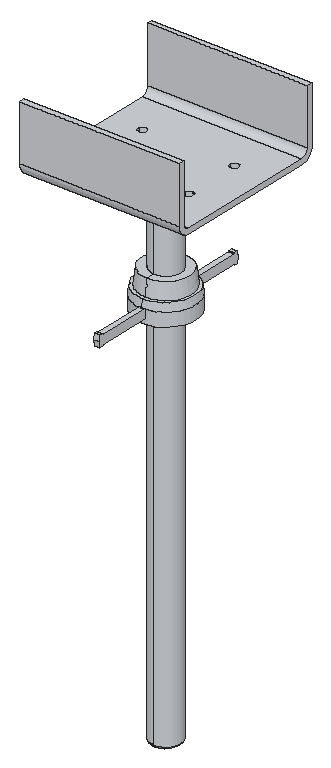
Revit family "U-Head Jack Solid-34mm", category Structural Stiffeners, Revit 2020
Family settings
  Work Plane-Based = No
  Always vertical = Yes
  Cut with Voids When Loaded = No
  Shared = No
Parameters
  U_Head_Material = none
  Lock_Distance [instance] = 225 mm
  Default Elevation = 0 mm
Reference planes
  plane 1 "Center (Front/Back)": y = 0
  plane 2: z = 0
  plane 3 "Center (Left/Right)": x = 0
  plane 4: z = -225
Forms (mm)
  Sweep 1, solid, material <- "U_Head_Material"
    path origin (0, 0, 0) x (1, 0, 0) y (0, 1, 0)
      loop
        line (-92.5, 0) -> (92.5, 0)
    profile origin (0, 0, 0) x (0, 1, 0) y (0, 0, 1)
      loop
        line (-90.059, -65) -> (-90.059, 0) -> (-96.059, 0) -> (-96.059, -65)
        arc (-96.059, -65) -> (-91.959, -74.899) -> (-82.059, -79) r 14
        line (-82.059, -79) -> (81.941, -79)
        arc (81.941, -79) -> (91.84, -74.899) -> (95.941, -65) r 14
        line (95.941, -65) -> (95.941, 0) -> (89.941, 0) -> (89.941, -65)
        arc (89.941, -65) -> (87.597, -70.657) -> (81.941, -73) r 8
        line (81.941, -73) -> (-82.059, -73)
        arc (-82.059, -73) -> (-87.716, -70.657) -> (-90.059, -65) r 8
  Extrusion 2, void
    sketch origin (0, -31.589, -95.044) x (1, 0, 0) y (0, 1, 0)
      loop
        circle (-53.322, 64.53) r 5
      loop
        circle (53.322, 64.53) r 5
      loop
        circle (-53.322, -1.47) r 5
      loop
        circle (53.322, -1.47) r 5
    from 0 to 30.512
  Revolve 3, solid, material <- "U_Head_Material"
    sketch origin (0, 0, 0) x (0, 1, 0) y (0, 0, 1)
      loop
        line (0, -84.097) -> (0, -79) -> (-23.597, -79)
        arc (-23.597, -79) -> (-22.104, -82.604) -> (-18.5, -84.097) r 5.097
        line (-18.5, -84.097) -> (0, -84.097)
      axis (0, -79) -> (0, -84.097)
    angle from 0 to 360
  Revolve 4, solid, material <- "U_Head_Material"
    sketch origin (0, 0, 0) x (0, 1, 0) y (0, 0, 1)
      loop
        line (-29.713, -200) -> (-33.502, -200) -> (-34.731, -209.5) -> (-34.731, -225) -> (-31.731, -225) -> (-31.731, -219.5) -> (-26.231, -219.5) -> (-25.731, -214.5) -> (-17, -214.5) -> (-17, -181.5) -> (-27.731, -181.5) -> (-29.713, -200)
      axis (0, -181.5) -> (0, -225)
    angle from 0 to 360
  Extrusion 5, solid, material <- "U_Head_Material"
    sketch origin (0, 0, 0) x (0, 1, 0) y (0, 0, 1)
      loop
        line (-34.731, -219.5) -> (-34.731, -209.5) -> (-95.731, -209.5) -> (-95.731, -208) -> (-99.548, -208) -> (-100.231, -214.5) -> (-99.548, -221) -> (-95.731, -221) -> (-95.731, -219.5) -> (-34.731, -219.5)
      loop
        line (34.731, -219.5) -> (95.731, -219.5) -> (95.731, -221) -> (99.548, -221) -> (100.231, -214.5) -> (99.548, -208) -> (95.731, -208) -> (95.731, -209.5) -> (34.731, -209.5) -> (34.731, -219.5)
    from -3 to 3
  Revolve 6, solid, material <- "U_Head_Material"
    sketch origin (0, 0, 0) x (0, 1, 0) y (0, 0, 1)
      loop
        line (0, -674) -> (0, -84.097) -> (-16.965, -84.097) -> (-16.965, -672) -> (-15.174, -674) -> (0, -674)
      axis (0, -84.097) -> (0, -674)
    angle from 0 to 360
Cuts and joins
  Extrusion 2 cuts Sweep 1
Lines and regions (mm)
  symbolic lines
    curve 1: line (0, -95.731, -209.5) -> (0, -95.731, -219.5)
    curve 2: line (0, 95.731, -209.5) -> (0, 95.731, -219.5)
  symbolic lines, style "StructuralStiffenerHiddenLines"
    curve 3: line (-92.5, 0, -73) -> (92.5, 0, -73)
Dimensions and locks
  equal spacing: Sweep 1 sketch curve, plane 3 "Center (Left/Right)", Sweep 1 sketch curve
  Sweep 1 sketch curve to Sweep 1 sketch curve = 185 mm
  Extrusion 5 sketch curve to Extrusion 5 sketch curve = 10 mm  (x2)
  Extrusion 5 sketch curve to Revolve 4 = 5.5 mm
  Revolve 4 to Extrusion 5 sketch curve = 5.5 mm
  plane 4 to Revolve 4 sketch curve = 10.5 mm
  "Lock_Distance": plane 4 to level
  locked: plane 2 to Revolve 6 sketch curve at 84.097
  level to Revolve 6 = 674 mm
  Revolve 4 sketch curve to Revolve 4 sketch curve = 43.5 mm
  locked: plane 4 to Revolve 4 at 43.5
  angle nested 1 to nested 1 = 131.845°
  aligned and locked: level to plane 2
  aligned and locked: Revolve 4 sketch curve to plane 4
  aligned and locked: plane 4 to Revolve 4
  aligned and locked: Revolve 6 sketch curve to nested 1
Automatic sketch dimensions
  plane 1 "Center (Front/Back)" to Sweep 1 sketch curve = 0 mm
  Sweep 1 sketch curve to Sweep 1 sketch curve = 0 mm  (x4)
  Sweep 1 sketch curve to level = 0 mm  (x2)
  profile plane to Sweep 1 sketch curve = 96.059 mm
  Sweep 1 sketch curve to Sweep 1 sketch curve = 6 mm
  Sweep 1 sketch curve to Sweep 1 sketch curve = 8 mm  (x2)
  Sweep 1 sketch curve to profile plane = 81.941 mm
  Sweep 1 sketch curve to level = 65 mm
  Extrusion 2 sketch curve to plane 3 "Center (Left/Right)" = 53.322 mm  (x2)
  plane 3 "Center (Left/Right)" to Extrusion 2 sketch curve = 53.322 mm  (x2)
  plane 1 "Center (Front/Back)" to Extrusion 2 sketch curve = 33.059 mm  (x2)
  Extrusion 2 sketch curve to plane 1 "Center (Front/Back)" = 32.941 mm  (x2)
  Revolve 3 sketch curve to plane 1 "Center (Front/Back)" = 0 mm  (x2)
  plane 1 "Center (Front/Back)" to Revolve 3 sketch curve = 18.5 mm
  Revolve 3 sketch curve to Revolve 3 sketch curve = 5.097 mm
  Revolve 3 sketch curve to level = 84.097 mm
  plane 4 to Revolve 3 sketch curve = 328.509 mm
  level to Revolve 3 sketch curve = 380.743 mm
  Extrusion 5 sketch curve to plane 4 = 10.5 mm  (x2)
  plane 1 "Center (Front/Back)" to Extrusion 5 sketch curve = 100.231 mm
  Extrusion 5 sketch curve to Extrusion 5 sketch curve = 0.683 mm  (x3)
  Extrusion 5 sketch curve to plane 4 = 17 mm  (x2)
  Extrusion 5 sketch curve to Extrusion 5 sketch curve = 3.817 mm  (x4)
  plane 1 "Center (Front/Back)" to Extrusion 5 sketch curve = 34.731 mm
  Extrusion 5 sketch curve to plane 1 "Center (Front/Back)" = 34.731 mm
  Extrusion 5 sketch curve to Extrusion 5 sketch curve = 61 mm
  Extrusion 5 sketch curve to plane 4 = 4 mm
  Extrusion 5 sketch curve to Extrusion 5 sketch curve = 0 mm
  Extrusion 5 sketch curve to Extrusion 5 sketch curve = 1.5 mm
  curve 1 to plane 4 = 15.5 mm
  curve 2 to plane 4 = 15.5 mm
  curve 1 to plane 4 = 5.5 mm
  curve 2 to plane 4 = 5.5 mm
  plane 1 "Center (Front/Back)" to curve 1 = 95.731 mm
  curve 2 to plane 1 "Center (Front/Back)" = 95.731 mm
  Revolve 6 sketch curve to plane 1 "Center (Front/Back)" = 0 mm  (x2)
  plane 1 "Center (Front/Back)" to Revolve 6 sketch curve = 15.174 mm
  Revolve 6 sketch curve to Revolve 6 sketch curve = 1.791 mm
  Revolve 6 sketch curve to Revolve 6 sketch curve = 2 mm
  Revolve 6 sketch curve to Revolve 6 sketch curve = 131.633 mm
  level to Revolve 6 sketch curve = 380.743 mm
  curve 3 to plane 3 "Center (Left/Right)" = 92.5 mm
  curve 3 to level = 73 mm
  plane 3 "Center (Left/Right)" to curve 3 = 92.5 mm
  Revolve 4 sketch curve to plane 1 "Center (Front/Back)" = 0 mm
  plane 1 "Center (Front/Back)" to Revolve 4 sketch curve = 17 mm
  Revolve 4 sketch curve to Revolve 4 sketch curve = 8.731 mm
  Revolve 4 sketch curve to Revolve 4 sketch curve = 0.5 mm
  Revolve 4 sketch curve to Revolve 4 sketch curve = 10.731 mm
  Revolve 4 sketch curve to Revolve 4 sketch curve = 5.5 mm
  Revolve 4 sketch curve to Revolve 4 sketch curve = 5.018 mm
  Revolve 4 sketch curve to Revolve 4 sketch curve = 3.789 mm
  plane 4 to Revolve 4 sketch curve = 328.509 mm
  Revolve 4 sketch curve to Revolve 4 sketch curve = 9.5 mm
  level to Revolve 4 sketch curve = 380.743 mm
  Revolve 4 sketch curve to Revolve 4 sketch curve = 7.771 mm
  Revolve 4 sketch curve to Revolve 4 sketch curve = 5 mm
  Revolve 4 sketch curve to plane 4 = 5.5 mm
  radius of Extrusion 2 sketch curve = 5 mm  (x4)
Nested families
  nested 1: "Screw" at (0, 115.349, -685.028) x (0, -1, 0) z (1, 0, 0), type "Screw"
  nested 2: "Screw" at (-115.408, 0, -685.028) x (1, 0, 0) z (0, -1, 0), type "Screw"
Definition of nested family "Screw"
  Reference planes
    plane 1 "Center (Front/Back)": y = 0
    plane 2: z = 0
    plane 3 "Center (Left/Right)": x = 0
    plane 4 "Right": x = 12.7
    plane 5: y = 82.55
    plane 6: y = -31.75
    plane 7: y = 50.8
